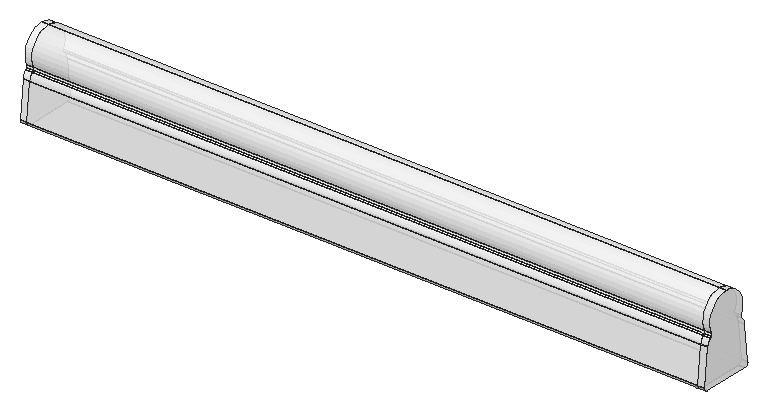
Revit family "0051031 Sylvania Lighting Fixture LED PIPE G2 L300 NW", category Lighting Fixtures, host Face, Revit 2016
Family settings
  Host = Face
  Part Type = Normal
  Round Connector Dimension = Use Diameter
  OmniClass Number = 23.80.70.00
  OmniClass Title = Lighting
  Cut with Voids When Loaded = No
  Light Source = Yes
  Shared = No
  Room Calculation Point = No
Parameters (values of type "0051031 LED PIPE G2 L300 NW")
  Width_SYL = 24 mm
  Weight = "2.58 kg"
  Wattage Comments = ""
  Wattage = 4 W
  WarrantyStartDate [instance] = "n/a"
  WarrantyGuarantorParts = "n/a"
  WarrantyDurationUnit = "n/a"
  WarrantyDurationParts = "n/a"
  WarrantyDescription = "n/a"
  built-in parameter 1150110 = 1 (stored number, unit not read)
  Voltage = 230 V
  URL = "http://www.sylvania-lighting.com"
  TypeName = "LED PIPE G2 L300 NW"
  Type Image = <None>
  Type Comments = "n/a"
  built-in parameter 1114217 = 1 (stored number, unit not read)
  Tilt Angle = -90.00°
  built-in parameter 1150109 = 1 (stored number, unit not read)
  built-in parameter 1150134 = 12
  built-in parameter 1150113 = 1 (stored number, unit not read)
  SerialNumber [instance] = "n/a"
  RadiusTop_SYL = 9.1 mm
  RadiusSmall_SYL = 1.002 mm
  RadiusShoulder_SYL = 4.5 mm
  RadiusBottom_SYL = 1.5 mm
  Photometric Web File = "0051031.ies"
  Material_3_FEILO = none
  PowerFactor = 0.9
  PowerConsumption = "4 W"
  NominalLength = 300 mm
  NominalHeight = 35 mm
  NominalDepth = 24 mm
  Name = "LED PIPE G2 L300 NW"
  ModelReference = Name  # "LED PIPE G2 L300 NW"
  ModelNumber = "0051031"
  Model = Name  # "LED PIPE G2 L300 NW"
  Material = "pc housing, pc diffuser"
  ManufacturerName = "Feilo Sylvania"
  Manufacturer = "Feilo Sylvania"
  LuminousEfficacy = "100 lm/W"
  built-in parameter 1150105 = 81.135 (stored number, unit not read)
  Lumens = 400 lm
  LuminaireType = ""
  built-in parameter 1150115 = 1 (stored number, unit not read)
  LightOutputRatio = "n/a"
  built-in parameter 1150137 = (empty or 0)
  built-in parameter 1150139 = (empty or 0)
  Length_SYL = 300 mm
  LampsType = Lamp  # "LED"
  LampNominalLuminous = "400 lm"
  LampMacAdamStep = "6"
  LampColourTemperature = "4000 K"
  LampColourRenderingIndex = "80"
  built-in parameter 1150112 = 1 (stored number, unit not read)
  built-in parameter 1150114 = 1 (stored number, unit not read)
  Lamp = "LED"
  Keynote = "16500"
  InstallationDate [instance] = "n/a"
  InputVoltage = "220-240V~"
  InputNominalFrequency = "50/60 Hz"
  built-in parameter 1150132 = (empty or 0)
  built-in parameter 1150102 = (empty or 0)
  built-in parameter 1150107 = 4000 (stored number, unit not read)
  built-in parameter 1150138 = (empty or 0)
  IngressProtection = "IP20"
  ImpactProtectionIndex = "IK02"
  built-in parameter 1150106 = 0.81135 (stored number, unit not read)
  IfcExportType = "IfcLightFixtureType"
  IfcExportAs = "IfcLightFixtureType"
  Height_SYL = 35 mm
  ExpectedLife = 50000
  built-in parameter 1150127 = 10 mm
  Emit from Rectangle Length = Length_SYL - 6 mm  # 294 mm
  Emit Shape Visible in Rendering = no
  ElectricShockClassification = "Class II"
  built-in parameter 1150104 = 9.2903 (stored number, unit not read)
  DurationUnit = "hours"
  DocumentationLiterature = "http://www.sylvania-lighting.com/product/en-int/products/0051031"
  DimmingControlOptions = "n/a"
  Material_2_FEILO = LED-Sylvania-ledpipe
  Dimming Lamp Color Temperature Shift = <None>
  Description = "LED T5 replacement batten, seamless linking (up to 10M), Ideal for direct lighting such as under cabinet or in kitchens, 150 degree beam angle, includes switch, includes 0.30m stripped cable, white polycarbonate body, includes standard and tilting brackets"
  Default Elevation = 1219.2 mm
  CreatedOn = "6/11/2018"
  CreatedBy = "aron.fodor@sylvania-lighting.com"
  Cost = 0
  Color Filter = 16777215
  built-in parameter 1114216 [instance] = (empty or 0)
  ClassificationValue = "EF_70_80"
  ClassificationName = "Uniclass2015"
  Material_1_FEILO = Body-Sylvania-ledpipe
  BarCode [instance] = "n/a"
  built-in parameter 1114218 = 1 (stored number, unit not read)
  Emit from Rectangle Width = 3048 mm
  AssetType = "Fixed"
  AssetIdentifier [instance] = "n/a"
  Assembly Code = "D5020200"
  Apparent Load = 4 VA
  Material_4_FEILO = none
Reference planes
  plane 1 "Center (Front/Back)": y = 0
  plane 2: z = 0
  plane 3 "Center (Left/Right)": x = 0
  plane 4: y = 12
  plane 5: y = -12
  plane 6: z = 35
  plane 7: z = 25.8
  plane 8: y = -10
  plane 9: z = 18.8
  plane 10: z = 21
  plane 11: x = 150
  plane 12: x = -150
  plane 13: x = 147
  plane 14: x = -147
Forms (mm)
  Extrusion 1, solid, material "Body-Sylvania-ledpipe" <- "Material_1_FEILO"
    sketch origin (0, 0, 0) x (0, 1, 0) y (0, 0, 1)
      loop
        arc (-11.824, 1.659) -> (-11.447, 0.497) -> (-10.332, 0) r 1.5
        line (-10.332, 0) -> (10.332, 0)
        arc (10.332, 0) -> (11.447, 0.497) -> (11.824, 1.659) r 1.5
        line (11.824, 1.659) -> (10.168, 17.219)
        arc (10.168, 17.219) -> (9.754, 18.682) -> (8.875, 19.925) r 4.5
        line (8.875, 19.925) -> (8.294, 20.506)
        arc (8.294, 20.506) -> (8.012, 21.058) -> (8.109, 21.67) r 1.002
        arc (8.109, 21.67) -> (7.759, 30.556) -> (0, 34.9) r 9.1
        arc (0, 34.9) -> (-7.759, 30.556) -> (-8.109, 21.67) r 9.1
        arc (-8.109, 21.67) -> (-8.012, 21.058) -> (-8.294, 20.506) r 1.002
        line (-8.294, 20.506) -> (-8.875, 19.925)
        arc (-8.875, 19.925) -> (-9.754, 18.682) -> (-10.168, 17.219) r 4.5
        line (-10.168, 17.219) -> (-11.824, 1.659)
    from -147 to 147
  Extrusion 2, solid, material "Body-Sylvania-ledpipe" <- "Material_1_FEILO"
    sketch origin (147, -4572, 2609.058) x (0, 0, 1) y (0, -1, 0)
      loop
        arc (-2587.388, -4580.109) -> (-2578.502, -4579.759) -> (-2574.158, -4572) r 9.1
        arc (-2574.158, -4572) -> (-2578.502, -4564.241) -> (-2587.388, -4563.891) r 9.1
        arc (-2587.388, -4563.891) -> (-2588, -4563.988) -> (-2588.552, -4563.706) r 1.002
        line (-2588.552, -4563.706) -> (-2589.134, -4563.125)
        arc (-2589.134, -4563.125) -> (-2590.376, -4562.246) -> (-2591.84, -4561.832) r 4.5
        line (-2591.84, -4561.832) -> (-2607.399, -4560.176)
        arc (-2607.399, -4560.176) -> (-2608.561, -4560.553) -> (-2609.058, -4561.668) r 1.5
        line (-2609.058, -4561.668) -> (-2609.058, -4582.332)
        arc (-2609.058, -4582.332) -> (-2608.561, -4583.447) -> (-2607.399, -4583.824) r 1.5
        line (-2607.399, -4583.824) -> (-2591.84, -4582.168)
        arc (-2591.84, -4582.168) -> (-2590.376, -4581.754) -> (-2589.134, -4580.875) r 4.5
        line (-2589.134, -4580.875) -> (-2588.552, -4580.294)
        arc (-2588.552, -4580.294) -> (-2588, -4580.012) -> (-2587.388, -4580.109) r 1.002
    from 0 to 3
  Extrusion 3, solid, material "Body-Sylvania-ledpipe" <- "Material_1_FEILO"
    sketch origin (-297, -4572, 2609.058) x (0, 0, 1) y (0, -1, 0)
      loop
        arc (-2587.388, -4580.109) -> (-2578.502, -4579.759) -> (-2574.158, -4572) r 9.1
        arc (-2574.158, -4572) -> (-2578.502, -4564.241) -> (-2587.388, -4563.891) r 9.1
        arc (-2587.388, -4563.891) -> (-2588, -4563.988) -> (-2588.552, -4563.706) r 1.002
        line (-2588.552, -4563.706) -> (-2589.134, -4563.125)
        arc (-2589.134, -4563.125) -> (-2590.376, -4562.246) -> (-2591.84, -4561.832) r 4.5
        line (-2591.84, -4561.832) -> (-2607.399, -4560.176)
        arc (-2607.399, -4560.176) -> (-2608.561, -4560.553) -> (-2609.058, -4561.668) r 1.5
        line (-2609.058, -4561.668) -> (-2609.058, -4582.332)
        arc (-2609.058, -4582.332) -> (-2608.561, -4583.447) -> (-2607.399, -4583.824) r 1.5
        line (-2607.399, -4583.824) -> (-2591.84, -4582.168)
        arc (-2591.84, -4582.168) -> (-2590.376, -4581.754) -> (-2589.134, -4580.875) r 4.5
        line (-2589.134, -4580.875) -> (-2588.552, -4580.294)
        arc (-2588.552, -4580.294) -> (-2588, -4580.012) -> (-2587.388, -4580.109) r 1.002
    from 150 to 147
Lines and regions (mm)
  reference lines
    curve 1: circle (0, 0, 25.8) r 9.1 normal (1, 0, 0)
    curve 2: line (0, -12, 0) -> (0, -10, 18.8)
Dimensions and locks
  equal spacing: plane 5, plane 1 "Center (Front/Back)", plane 4
  "Width_SYL": plane 5 to plane 4
  "Height_SYL": plane 6 to plane 2
  locked: plane 6 to plane 7 at 9.2
  locked: plane 5 to plane 8 at 2
  locked: plane 7 to plane 9 at 7
  locked: plane 10 to plane 9 at 2.2
  equal spacing: plane 11, plane 3 "Center (Left/Right)", plane 12
  "Length_SYL": plane 11 to plane 12
  equal spacing: plane 13, plane 3 "Center (Left/Right)", plane 14
  locked: plane 14 to plane 12 at 3
  "RadiusTop_SYL": radius of curve 1
  "RadiusSmall_SYL": radius of Extrusion 1 sketch curve
  "RadiusShoulder_SYL": radius of Extrusion 1 sketch curve
  "RadiusTop_SYL": radius of Extrusion 1 sketch curve
  "RadiusBottom_SYL": radius of Extrusion 1 sketch curve  (x2)
  aligned and locked: plane 2 to host face
  aligned and locked: level to host face
  aligned and locked: plane 7 to curve 1
  aligned and locked: plane 1 "Center (Front/Back)" to curve 1
  aligned and locked: plane 8 to curve 2
  aligned and locked: curve 2 to Extrusion 1 sketch curve  (x2)
  aligned and locked: plane 7 to Extrusion 1 sketch curve
  aligned and locked: plane 1 "Center (Front/Back)" to Extrusion 1 sketch curve
  aligned and locked: Extrusion 1 sketch curve to level
  aligned and locked: plane 13 to Extrusion 1
  aligned and locked: Extrusion 1 to plane 14
  aligned and locked: Extrusion 2 sketch curve to Extrusion 1  (x8)
  aligned and locked: plane 11 to Extrusion 2
  aligned and locked: Extrusion 2 to Extrusion 1
  aligned and locked: Extrusion 3 sketch curve to Extrusion 2  (x8)
  aligned and locked: Extrusion 3 to Extrusion 1
  aligned and locked: Extrusion 3 to plane 12
  aligned and locked: imposter light to plane 1 "Center (Front/Back)"
  aligned and locked: plane 6 to imposter light
  aligned and locked: plane 3 "Center (Left/Right)" to imposter light
Automatic sketch dimensions
  host sketch curve to host sketch curve = 2438.4 mm  (x2)
  curve 2 to level = 0 mm
  curve 2 to plane 5 = 0 mm
  curve 2 to plane 9 = 0 mm
  Extrusion 1 sketch curve to Extrusion 1 sketch curve = 0 mm
  Extrusion 1 sketch curve to plane 5 = 0.176 mm
  plane 8 to Extrusion 1 sketch curve = 0.168 mm
  plane 10 to Extrusion 1 sketch curve = 0.215 mm  (x2)
  Extrusion 1 sketch curve to plane 8 = 0.998 mm
  Extrusion 1 sketch curve to plane 10 = 1.075 mm  (x2)
  Extrusion 1 sketch curve to plane 10 = 0.494 mm  (x2)
  Extrusion 1 sketch curve to plane 9 = 2.057 mm
  Extrusion 1 sketch curve to plane 1 "Center (Front/Back)" = 5.693 mm
  plane 4 to Extrusion 1 sketch curve = 3.706 mm
  Extrusion 1 sketch curve to Extrusion 1 sketch curve = 0.582 mm
  Extrusion 1 sketch curve to Extrusion 1 sketch curve = 0.709 mm
  Extrusion 1 sketch curve to plane 9 = 1.581 mm
  plane 4 to Extrusion 1 sketch curve = 1.668 mm
  plane 4 to Extrusion 1 sketch curve = 0.176 mm
  Extrusion 2 sketch curve to Extrusion 2 sketch curve = 0.159 mm
  Extrusion 2 sketch curve to plane 5 = 0.176 mm
  plane 8 to Extrusion 2 sketch curve = 0.168 mm
  Extrusion 2 sketch curve to plane 9 = 1.581 mm
  Extrusion 2 sketch curve to plane 10 = 0.494 mm  (x2)
  Extrusion 2 sketch curve to Extrusion 2 sketch curve = 0.127 mm
  Extrusion 2 sketch curve to Extrusion 2 sketch curve = 0.582 mm
  Extrusion 3 sketch curve to Extrusion 3 sketch curve = 0.159 mm
  Extrusion 3 sketch curve to plane 5 = 0.176 mm
  plane 8 to Extrusion 3 sketch curve = 0.168 mm
  Extrusion 3 sketch curve to plane 9 = 1.581 mm
  Extrusion 3 sketch curve to plane 10 = 0.494 mm  (x2)
  Extrusion 3 sketch curve to Extrusion 3 sketch curve = 0.127 mm
  Extrusion 3 sketch curve to Extrusion 3 sketch curve = 0.582 mm
Connectors
  electrical at (0, 0, 0), driven by "Apparent Load", driven by "PowerFactor", driven by "Voltage"
    settings: index 1, voltage 230 V, apparent load 4 VA, apparent load phase1 0 VA, apparent load phase2 0 VA, apparent load phase3 0 VA, power factor 0.9, load classification "Lighting", number of poles 1, system type 30, power factor state 1, is connector primary yes, connector utility no, sub classification motor no, connector description ""
